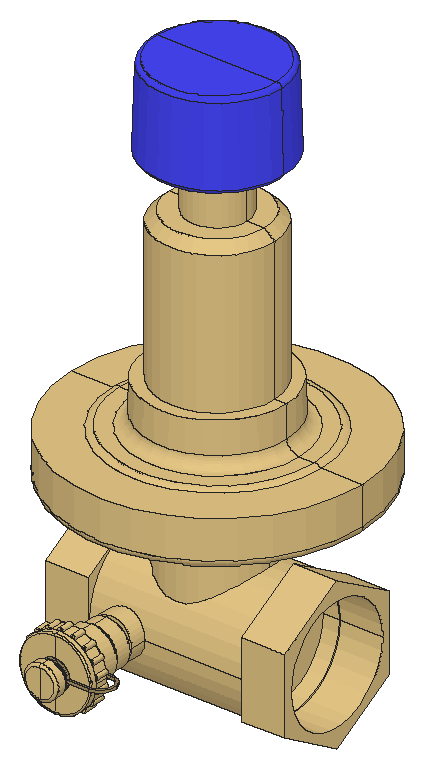
Revit family "РИДАН_APT-R3_Автоматический балансировочный клапан(Ду32-40)", category Арматура трубопроводов, Revit 2019
Family settings
  Размер круглого соединителя = Использовать диаметр
  Тип детали = Вставляется
  На основе рабочей плоскости = Нет
  Всегда вертикально = Да
  При загрузке вырезать с полостями = Нет
  Общий = Нет
Parameters (values of type "DN 40")
  Требуемый перепад давления [instance] = 25.0 kPa
  Таблица настройки [instance] = "N 0 — 25 кПа\r\nN 1 — 24 кПа\r\nN 2 — 23 кПа\r\nN 3 — 22 кПа\r\nN 4 — 21 кПа\r\nN 5 — 20 кПа\r\nN 6 — 19 кПа\r\nN 7 — 18 кПа\r\nN 8 — 17 кПа\r\nN 9 — 16 кПа\r\nN 10 — 15 кПа\r\nN 11 — 14 кПа\r\nN 12 — 13 кПа\r\nN 13 — 12 кПа\r\nN 14 — 11 кПа\r\nN 15 — 10 кПа\r\nN 16 — 9 кПа\r\nN 17 — 8 кПа\r\nN 18 — 7 кПа\r\nN 19 — 6 кПа\r\nN 20 — 5 кПа\r\n"  # constant formula
  Рекомендуемый DN [instance] = if(Kvmin = 0.0 L/s, 0 mm, if(size_lookup(LT, "Kvs", 0.0 L/s, 32 mm) * 0.8 > Kvmin, 32 mm, if(size_lookup(LT, "Kvs", 0.0 L/s, 40 mm) * 0.8 > Kvmin, 40 mm, -1 mm)))  # 0 mm
  Отступ соединителей ВР [instance] = 10 mm
  Настройка по давлению [instance] = size_lookup(LT_Kv, "P", 0.0 kPa, ADSK_Настройка клапана)  # 25.0 kPa
  Контакты_Производитель = "info@ridan.ru"  # constant formula
  Диапазон настройки [instance] = "От 0 до 20 с шагом 1, настройка — количество оборотов шпинделя"  # constant formula
  n1 [instance] = l - n  # 15 mm
  n [instance] = if(Отступ соединителей ВР > l, l, Отступ соединителей ВР)  # 10 mm
  m = size_lookup(LT, "m", 20 mm, ADSK_Диаметр условный)  # 70 mm
  l = size_lookup(LT, "l", 20 mm, ADSK_Диаметр условный)  # 25 mm
  k = size_lookup(LT, "k", 20 mm, ADSK_Диаметр условный)  # 48 mm
  j = size_lookup(LT, "j", 20 mm, ADSK_Диаметр условный)  # 54.5 mm
  i = size_lookup(LT, "i", 20 mm, ADSK_Диаметр условный)  # 18 mm
  h = size_lookup(LT, "h", 20 mm, ADSK_Диаметр условный)  # 33.5 mm
  g = size_lookup(LT, "g", 20 mm, ADSK_Диаметр условный)  # 44 mm
  f = size_lookup(LT, "f", 20 mm, ADSK_Диаметр условный)  # 54 mm
  e = size_lookup(LT, "e", 20 mm, ADSK_Диаметр условный)  # 50 mm
  d = size_lookup(LT, "d", 20 mm, ADSK_Диаметр условный)  # 64.34 mm
  c = size_lookup(LT, "c", 20 mm, ADSK_Диаметр условный)  # 32.17 mm
  b = size_lookup(LT, "b", 20 mm, ADSK_Диаметр условный)  # 18 mm
  a = size_lookup(LT, "a", 20 mm, ADSK_Диаметр условный)  # 17.83 mm
  URL = "https://ridan.ru/"
  LT_Kv = "APT-R3_Kv"  # constant formula
  LT = "APT-R3_32_40"  # constant formula
  Kvmin [instance] = 0 m³/h
  ADSK_Расход жидкости [instance] = 0 m³/h
  ADSK_Пропускная способность [instance] = size_lookup(LT, "Kvs", 0.001 m³/h, ADSK_Диаметр условный)  # 10 m³/h
  ADSK_Потеря давления жидкости [instance] = 100.0 kPa * (ADSK_Расход жидкости / ADSK_Пропускная способность) ^ 2  # 0.0 kPa
  ADSK_Настройка клапана [instance] = 0
  ADSK_Наименование = size_lookup(LT, "Name", "", ADSK_Диаметр условный)  # "Клапан балансировочный автоматический резьбовой, диапазон настройки 5-25 кПа, PN16, Tmax=120C, DN40"
  ADSK_Масса_Текст = ""
  ADSK_Масса = size_lookup(LT, "M", 0, ADSK_Диаметр условный)  # 3.8
  ADSK_Марка = size_lookup(LT, "Mark", "", ADSK_Диаметр условный)  # "APT-R3 DN40"
  ADSK_Количество = 1  # constant formula
  ADSK_Код изделия = size_lookup(LT, "", "", ADSK_Диаметр условный)  # "003Z5705R3"
  ADSK_Завод-изготовитель = "ООО «Ридан-Трейд»"  # constant formula
  ADSK_Единица измерения = "шт."
  ADSK_Диаметр условный = 40 mm
  ADSK_Версия семейства = "1.0"  # constant formula
  ADSK_Версия Revit = "2019"  # constant formula
Types (3, lengths in mm): name | n1 | m | l | k | j | h | f | e | d | c | b | ADSK_Пропускная способность | ADSK_Наименование | ADSK_Масса | ADSK_Марка | ADSK_Код изделия | ADSK_Диаметр условный
  (no name) | 15 | 70 | 25 | 48 | 54.5 | 33.5 | 54 | 50 | 64.34 | 32.17 | 18 | 10 m³/h | "Клапан балансировочный автоматический резьбовой, диапазон настройки 5-25 кПа, PN16, Tmax=120C, DN40" | 3.8 | "APT-R3 DN40" | "003Z5705R3" | 40
  DN 32 | 10.5 | 74 | 20.5 | 42 | 49.5 | 29 | 48 | 45.5 | 59.34 | 29.67 | 18.5 | 6.3 m³/h | "Клапан балансировочный автоматический резьбовой, диапазон настройки 5-25 кПа, PN16, Tmax=120C, DN32" | 3.6 | "APT-R3 DN32" | "003Z5704R3" | 32
  DN 40 | 15 | 70 | 25 | 48 | 54.5 | 33.5 | 54 | 50 | 64.34 | 32.17 | 18 | 10 m³/h | "Клапан балансировочный автоматический резьбовой, диапазон настройки 5-25 кПа, PN16, Tmax=120C, DN40" | 3.8 | "APT-R3 DN40" | "003Z5705R3" | 40
Reference planes
  plane 1 "По центру (Вперед/Назад)": y = 0
  plane 2: z = 0
  plane 3 "По центру (Влево/Вправо)": x = 0
  plane 4: x = -50
  plane 5: x = -32.17
  plane 6: x = -18
  plane 7: x = 50
  plane 8: x = 32.17
  plane 9: z = 50
  plane 10: x = -35
  plane 11: x = 35
  plane 12: x = -25
  plane 13: x = 25
  plane 14: y = -33.5
Forms (mm)
  Extrusion 1, solid, material "Латунь", detail levels fine
    sketch origin (0, 0, 0) x (0, 1, 0) y (0, 0, 1)
      loop
        circle (0, 0) r 27
    from -32.17 to 32.17
  Extrusion 2, solid, material "Латунь", detail levels fine
    sketch origin (0, 0, 0) x (0, 1, 0) y (0, 0, 1)
      loop
        line (0, 31.466) -> (-27.25, 15.733) -> (-27.25, -15.733) -> (0, -31.466) -> (27.25, -15.733) -> (27.25, 15.733) -> (0, 31.466)
    from -50 to -32.17
  Extrusion 3, void
    sketch origin (0, 0, 0) x (0, 1, 0) y (0, 0, 1)
      loop
        circle (0, 0) r 24
    from -50 to -25
  Extrusion 4, void
    sketch origin (75, 0, 0) x (0, 1, 0) y (0, 0, 1)
      loop
        circle (0, 0) r 24
    from -50 to -25
  Extrusion 5, solid, material "Латунь", detail levels fine
    sketch origin (0, 0, 0) x (1, 0, 0) y (0, 1, 0)
      loop
        circle (0, 0) r 22
    from 0 to 50
  Extrusion 6, solid, material "Латунь", detail levels fine
    sketch origin (0, 0, 0) x (1, 0, 0) y (0, 0, 1)
      loop
        circle (-18, 0) r 9
    from 0 to 33.5
  Extrusion 7, solid, material "Латунь", detail levels fine
    sketch origin (0, 0, 0) x (0, 1, 0) y (0, 0, 1)
      loop
        line (0, 31.466) -> (-27.25, 15.733) -> (-27.25, -15.733) -> (0, -31.466) -> (27.25, -15.733) -> (27.25, 15.733) -> (0, 31.466)
    from 32.17 to 50
Cuts and joins
  Extrusion 3, Extrusion 4 cuts Extrusion 1
  Extrusion 3 cuts Extrusion 6
  joined: Extrusion 1, Extrusion 5, Extrusion 6
  Extrusion 3 cuts Extrusion 2
  Extrusion 4 cuts Extrusion 7
Dimensions and locks
  "b": plane 3 "По центру (Влево/Вправо)" to plane 6
  "c": plane 3 "По центру (Влево/Вправо)" to plane 5
  "d": plane 8 to plane 5
  "a": plane 5 to plane 4
  "a": plane 8 to plane 7
  "e": plane 9 to plane 2
  equal spacing: Extrusion 2 sketch curve, plane 2, Extrusion 2 sketch curve  (x2)
  equal spacing: Extrusion 2 sketch curve, plane 1 "По центру (Вперед/Назад)", Extrusion 2 sketch curve
  "j": Extrusion 2 sketch curve to Extrusion 2 sketch curve  (x3)
  "n1": plane 10 to plane 4
  "n1": plane 11 to plane 7
  "l": plane 12 to plane 4
  "l": plane 13 to plane 7
  "h": plane 14 to plane 1 "По центру (Вперед/Назад)"
  equal spacing: Extrusion 7 sketch curve, plane 2, Extrusion 7 sketch curve  (x2)
  equal spacing: Extrusion 7 sketch curve, plane 1 "По центру (Вперед/Назад)", Extrusion 7 sketch curve
  "j": Extrusion 7 sketch curve to Extrusion 7 sketch curve  (x3)
  "f": diameter of Extrusion 1 sketch curve
  "k": diameter of Extrusion 3 sketch curve
  "k": diameter of Extrusion 4 sketch curve
  "g": diameter of Extrusion 5 sketch curve
  "i": diameter of Extrusion 6 sketch curve
  angle Extrusion 2 sketch curve to Extrusion 2 sketch curve = 120.00°  (x6)
  angle Extrusion 7 sketch curve to Extrusion 7 sketch curve = 120.00°  (x6)
  aligned and locked: level to plane 2
  aligned and locked: Extrusion 1 to plane 5
  aligned and locked: Extrusion 1 to plane 8
  aligned and locked: Extrusion 2 to plane 4
  aligned and locked: plane 5 to Extrusion 2
  aligned and locked: Extrusion 3 to plane 4
  aligned and locked: plane 12 to cut or joined group of Extrusion 1, Extrusion 3, Extrusion 4, Extrusion 5, Extrusion 6
  aligned and locked: plane 13 to Extrusion 4
  aligned and locked: Extrusion 4 to plane 7
  aligned and locked: plane 9 to Extrusion 5
  aligned and locked: Extrusion 6 to plane 14
  aligned and locked: plane 8 to Extrusion 7
  aligned and locked: Extrusion 7 to plane 7
  aligned and locked: plane 3 "По центру (Влево/Вправо)" to nested 1
  aligned and locked: plane 9 to nested 1
  aligned and locked: plane 6 to nested 2
  aligned and locked: nested 2 to plane 14
  aligned and locked: nested 3 to plane 10
  aligned and locked: nested 4 to plane 10
Automatic sketch dimensions
  Extrusion 1 sketch curve to level = 0 mm
  Extrusion 1 sketch curve to plane 1 "По центру (Вперед/Назад)" = 0 mm
  Extrusion 3 sketch curve to level = 0 mm
  Extrusion 3 sketch curve to plane 1 "По центру (Вперед/Назад)" = 0 mm
  Extrusion 4 sketch curve to level = 0 mm
  Extrusion 4 sketch curve to plane 1 "По центру (Вперед/Назад)" = 0 mm
  plane 1 "По центру (Вперед/Назад)" to Extrusion 5 sketch curve = 0 mm
  Extrusion 5 sketch curve to plane 3 "По центру (Влево/Вправо)" = 0 mm
  Extrusion 6 sketch curve to level = 0 mm
  Extrusion 6 sketch curve to plane 6 = 0 mm
Nested families
  nested 1: "Мембрана APT-R3(32_40)" at (0, 0, 50), type "Мембрана APT-R3(32_40)", detail levels fine
  nested 2: "APT_R3_Сливной кран" at (-18, -33.5, 0), type "APT_R3_Сливной кран", detail levels fine
  nested 3: "УГО_АТ_Клапан регулирующий проходной" at (0, 0, 0), УГО_Длина <- "m", type "УГО_АТ_Клапан регулирующий проходной", detail levels coarse+medium
    with УГО_Стрелка 35 mm, УГО_Длина 70 mm, h1 40.415 mm, h 20.207 mm, a1 17.5 mm, a 35 mm
  nested 4: "УГО_ЭУ_Клапан регулирующий проходной" at (0, 0, 0), УГО_Длина <- "m", type "УГО_ЭУ_Клапан регулирующий проходной", detail levels coarse+medium
    with УГО_Длина 70 mm, h 40.415 mm, A1 17.5 mm, A 35 mm
Connectors
  piping at (-35, 0, 0), diameter 40, driven by "ADSK_Диаметр условный", driven by "ADSK_Расход жидкости", driven by "ADSK_Потеря давления жидкости"
    settings: on plane 10, index 1, connector inside diameter 609.6 mm, connector length 0 mm, flow factor 0, pipe flow 0 m³/h, pressure drop 0.0 kPa, fitting loss kfactor 0, connector angle 0.00°, fixture units 0, engagement length 0 mm, angle of deflection 0.00°, flow configuration 0, flow direction 1, fitting loss method 4, system type 7, joint type 0, gender type 0, connector reference index 2, connector utility 0, adjustable connector no, is connector primary yes, connector description ""
  piping at (35, 0, 0), diameter 40, driven by "ADSK_Диаметр условный"
    settings: on plane 11, index 2, connector inside diameter 609.6 mm, connector length 0 mm, flow factor 0, pipe flow 0 m³/h, pressure drop 0.0 kPa, fitting loss kfactor 0, connector angle 0.00°, fixture units 0, engagement length 0 mm, angle of deflection 0.00°, flow configuration 0, flow direction 0, fitting loss method 0, system type 7, joint type 0, gender type 0, connector reference index 1, connector utility 0, adjustable connector no, is connector primary no, connector description ""
Definition of nested family "Мембрана APT-R3(32_40)"
  Reference planes
    plane 1 "По центру (Вперед/Назад)": y = 0
    plane 2: z = 0
    plane 3 "По центру (Влево/Вправо)": x = 0
  Forms (mm)
    Revolve 1, solid
      sketch origin (0, 0, 0) x (1, 0, 0) y (0, 0, 1)
        loop
          arc (45.5, 1.5) -> (45.793, 2.207) -> (46.5, 2.5) r 1
          line (46.5, 2.5) -> (58, 2.5)
          arc (58, 2.5) -> (60.121, 3.379) -> (61, 5.5) r 3
          line (61, 5.5) -> (61, 21.5) -> (43.704, 21.5)
          arc (43.704, 21.5) -> (42.286, 22.243) -> (40.704, 22.5) r 5
          line (40.704, 22.5) -> (34.228, 22.5)
          arc (34.228, 22.5) -> (30.723, 23.934) -> (29.228, 27.413) r 5
          line (29.228, 27.413) -> (29, 40.5) -> (24, 40.5) -> (24, 99.5) -> (20, 103.5) -> (12.5, 103.5) -> (12.5, 124.1) -> (0, 124.1) -> (0, 0) -> (44.69, 0)
          arc (44.69, 0) -> (45.205, 0.222) -> (45.5, 0.7) r 0.933
          line (45.5, 0.7) -> (45.5, 1.5)
        axis (0, 124.1) -> (0, 0)
      angle from 0 to 360
    Revolve 2, solid
      sketch origin (0, 0, 0) x (1, 0, 0) y (0, 0, 1)
        loop
          line (0, 124.1) -> (26, 124.1) -> (27.949, 126.049) -> (26.918, 158.253)
          arc (26.918, 158.253) -> (26.371, 159.531) -> (25.102, 160.1) r 1.911
          line (25.102, 160.1) -> (0, 160.1) -> (0, 124.1)
        axis (0, 160.1) -> (0, 124.1)
      angle from 0 to 360
  Dimensions and locks
    aligned and locked: level to plane 2
Definition of nested family "APT_R3_Сливной кран"
  Reference planes
    plane 1 "По центру (Вперед/Назад)": y = 0
    plane 2: z = 0
    plane 3 "По центру (Влево/Вправо)": x = 0
  Forms (mm)
    Revolve 1, solid
      sketch origin (0, 0.8, 0) x (0, 1, 0) y (0, 0, 1)
        loop
          line (-1.8, 0) -> (-1.8, 8.5) -> (-2.8, 9.5) -> (-9.386, 9.5)
          arc (-9.386, 9.5) -> (-9.768, 9.576) -> (-10.093, 9.793) r 1
          line (-10.093, 9.793) -> (-10.8, 10.5) -> (-19.3, 10.5) -> (-19.3, 0) -> (-1.8, 0)
        loop
          line (-20.3, 11.366) -> (-21.063, 12.688) -> (-27.3, 12.688) -> (-27.3, 15) -> (-29.3, 15)
          arc (-29.3, 15) -> (-29.654, 14.854) -> (-29.8, 14.5) r 0.5
          line (-29.8, 14.5) -> (-29.8, 6)
          arc (-29.8, 6) -> (-29.946, 5.646) -> (-30.3, 5.5) r 0.5
          line (-30.3, 5.5) -> (-31.8, 5.5) -> (-33.3, 7) -> (-36.8, 7)
          arc (-36.8, 7) -> (-37.507, 6.707) -> (-37.8, 6) r 1
          line (-37.8, 6) -> (-37.8, 0) -> (-20.3, 0) -> (-20.3, 11.366)
        axis (-1.8, 0) -> (-37.8, 0)
      angle from 0 to 360
    Revolve 2, solid
      sketch origin (0, 0.8, 0) x (0, 1, 0) y (0, 0, 1)
        loop
          line (-0.8, 6.5) -> (-2.3, 6.5) -> (-2.3, 0) -> (-0.8, 0) -> (-0.8, 6.5)
        axis (-0.8, 0) -> (-2.3, 0)
      angle from 0 to 360
    Revolve 3, solid
      sketch origin (0, 0.8, 0) x (0, 1, 0) y (0, 0, 1)
        loop
          line (-19.3, 12.5) -> (-20.3, 12.5) -> (-20.3, 0) -> (-19.3, 0) -> (-19.3, 12.5)
        axis (-19.3, 0) -> (-20.3, 0)
      angle from 0 to 360
    Extrusion 4, solid
      sketch origin (0, 0, 0) x (1, 0, 0) y (0, 0, 1)
        loop
          circle (0, 0) r 5.5
        loop
          circle (0, 0) r 6.25
      from 30.5 to 29.5
    Extrusion 5, solid
      sketch origin (0, 0, 0) x (1, 0, 0) y (0, 0, 1)
        loop
          circle (0, 0) r 15
      from 21 to 26.5
    Extrusion 6, solid
      sketch origin (0, 0, 0) x (1, 0, 0) y (0, 0, 1)
        loop
          arc (0.999, 14.967) -> (0, 16) -> (-0.999, 14.967) r 1
          arc (-0.999, 14.967) -> (0, 15) -> (0.999, 14.967) r 15
        loop
          arc (0.999, -14.967) -> (0, -15) -> (-0.999, -14.967) r 15
          arc (-0.999, -14.967) -> (0, -16) -> (0.999, -14.967) r 1
        loop
          arc (6.058, 13.722) -> (5.472, 15.035) -> (4.18, 14.406) r 1
          arc (4.18, 14.406) -> (5.13, 14.095) -> (6.058, 13.722) r 15
        loop
          arc (-4.18, -14.406) -> (-5.13, -14.095) -> (-6.058, -13.722) r 15
          arc (-6.058, -13.722) -> (-5.472, -15.035) -> (-4.18, -14.406) r 1
        loop
          arc (-6.058, 13.722) -> (-5.13, 14.095) -> (-4.18, 14.406) r 15
          arc (-4.18, 14.406) -> (-5.472, 15.035) -> (-6.058, 13.722) r 1
        loop
          arc (4.18, -14.406) -> (5.472, -15.035) -> (6.058, -13.722) r 1
          arc (6.058, -13.722) -> (5.13, -14.095) -> (4.18, -14.406) r 15
        loop
          arc (-14.913, -1.615) -> (-15.757, -2.778) -> (-14.566, -3.583) r 1
          arc (-14.566, -3.583) -> (-14.772, -2.605) -> (-14.913, -1.615) r 15
        loop
          arc (14.566, 3.583) -> (14.772, 2.605) -> (14.913, 1.615) r 15
          arc (14.913, 1.615) -> (15.757, 2.778) -> (14.566, 3.583) r 1
        loop
          arc (-14.566, 3.583) -> (-15.757, 2.778) -> (-14.913, 1.615) r 1
          arc (-14.913, 1.615) -> (-14.772, 2.605) -> (-14.566, 3.583) r 15
        loop
          arc (14.913, -1.615) -> (14.772, -2.605) -> (14.566, -3.583) r 15
          arc (14.566, -3.583) -> (15.757, -2.778) -> (14.913, -1.615) r 1
        loop
          arc (-12.462, -8.349) -> (-12.99, -7.5) -> (-13.461, -6.618) r 15
          arc (-13.461, -6.618) -> (-13.856, -8) -> (-12.462, -8.349) r 1
        loop
          arc (13.461, 6.618) -> (13.856, 8) -> (12.462, 8.349) r 1
          arc (12.462, 8.349) -> (12.99, 7.5) -> (13.461, 6.618) r 15
        loop
          arc (-8.855, -12.108) -> (-9.642, -11.491) -> (-10.386, -10.823) r 15
          arc (-10.386, -10.823) -> (-10.285, -12.257) -> (-8.855, -12.108) r 1
        loop
          arc (10.386, 10.823) -> (10.285, 12.257) -> (8.855, 12.108) r 1
          arc (8.855, 12.108) -> (9.642, 11.491) -> (10.386, 10.823) r 15
        loop
          arc (8.855, -12.108) -> (10.285, -12.257) -> (10.386, -10.823) r 1
          arc (10.386, -10.823) -> (9.642, -11.491) -> (8.855, -12.108) r 15
        loop
          arc (-10.386, 10.823) -> (-9.642, 11.491) -> (-8.855, 12.108) r 15
          arc (-8.855, 12.108) -> (-10.285, 12.257) -> (-10.386, 10.823) r 1
        loop
          arc (12.462, -8.349) -> (13.856, -8) -> (13.461, -6.618) r 1
          arc (13.461, -6.618) -> (12.99, -7.5) -> (12.462, -8.349) r 15
        loop
          arc (-13.461, 6.618) -> (-12.99, 7.5) -> (-12.462, 8.349) r 15
          arc (-12.462, 8.349) -> (-13.856, 8) -> (-13.461, 6.618) r 1
      from 21 to 26.2
    Extrusion 7, solid
      sketch origin (0, 0.8, 0) x (1, 0, 0) y (0, 1, 0)
        loop
          line (5.7, -31.3) -> (15.25, -31.3)
          arc (15.25, -31.3) -> (21.25, -25.3) -> (15.25, -19.3) r 6
          line (15.25, -19.3) -> (11.69, -19.3) -> (11.69, -20.3) -> (15.25, -20.3)
          arc (15.25, -20.3) -> (20.25, -25.3) -> (15.25, -30.3) r 5
          line (15.25, -30.3) -> (5.7, -30.3) -> (5.7, -31.3)
      from -0.5 to 0.5
    Revolve 8, solid
      sketch origin (0, 0.8, 0) x (1, 0, 0) y (0, 1, 0)
        loop
          line (-14.8, -6.05) -> (-14.8, -10.8) -> (-4.8, -10.8) -> (-4.8, -5.05) -> (-13.8, -5.05)
          arc (-13.8, -5.05) -> (-14.507, -5.343) -> (-14.8, -6.05) r 1
        axis (-4.8, -10.8) -> (-14.8, -10.8)
      angle from 0 to 360
    Revolve 9, solid
      sketch origin (0, 0.8, 0) x (1, 0, 0) y (0, 1, 0)
        loop
          line (-15, -6.8) -> (-15, -10.8) -> (-13.5, -10.8) -> (-13.5, -6.8) -> (-15, -6.8)
        axis (-15, -10.8) -> (-13.5, -10.8)
      angle from 0 to 360
    Extrusion 10, solid
      sketch origin (0, 0.8, 0) x (1, 0, 0) y (0, 1, 0)
        loop
          line (-15, -8.3) -> (-19.5, -8.3) -> (-19.5, -10.05) -> (-18, -10.05) -> (-18, -11.55) -> (-19.5, -11.55) -> (-19.5, -13.3) -> (-15, -13.3) -> (-15, -8.3)
      from -2.5 to 2.5
  Cuts and joins
    joined: Revolve 1, Revolve 2, Extrusion 5, Revolve 8, Revolve 9
    joined: Revolve 3, Extrusion 4, Extrusion 7
  Dimensions and locks
    aligned and locked: level to plane 2
Definition of nested family "УГО_АТ_Клапан регулирующий проходной"
  Parameters (values of type "УГО_АТ_Клапан регулирующий проходной")
    УГО_Стрелка [instance] = УГО_Длина / 2  # 50 mm
    УГО_Длина [instance] = 100 mm
    h1 [instance] = a / cos(30.00°)  # 57.735 mm
    h [instance] = a1 / cos(30.00°)  # 28.868 mm
    a1 [instance] = УГО_Длина / 4  # 25 mm
    a [instance] = УГО_Длина / 2  # 50 mm
  Reference planes
    plane 1 "По центру (Вперед/Назад)": y = 0
    plane 2: z = 0
    plane 3 "По центру (Влево/Вправо)": x = 0
    plane 4: x = -50
    plane 5: x = 50
    plane 6: x = -50
    plane 7: x = 50
    plane 8: z = 28.868
    plane 9: z = -28.868
  Forms (mm)
    Extrusion 1, solid
      sketch origin (0, 0, 0) x (1, 0, 0) y (0, 0, 1)
        loop
          line (0, 0) -> (-50, 28.868) -> (-50, -28.868) -> (0, 0)
      from -0.5 to 0.5
    Extrusion 2, solid
      sketch origin (0, 0, 0) x (-1, 0, 0) y (0, 0, -1)
        loop
          line (0, 0) -> (-50, 28.868) -> (-50, -28.868) -> (0, 0)
      from -0.5 to 0.5
  Lines and regions (mm)
    model lines
      curve 1: line (0, 0, 0) -> (0, 0, 50)
      curve 2: line (0, 0, 0) -> (-6.47, 0, 24.148)
      curve 3: line (0, 0, 0) -> (6.47, 0, 24.148)
  Dimensions and locks
    "a": plane 3 "По центру (Влево/Вправо)" to plane 4
    "a": plane 5 to plane 3 "По центру (Влево/Вправо)"
    equal spacing: plane 7, plane 3 "По центру (Влево/Вправо)", plane 6
    "УГО_Длина": plane 7 to plane 6
    "УГО_Стрелка": curve 1 to plane 2
    "a1": curve 3 to curve 3
    "a1": curve 2 to curve 2
    equal spacing: plane 8, level, plane 9
    "h1": plane 8 to plane 9
    locked: plane 2 to Extrusion 2 sketch curve (angle 30.00°)
    locked: Extrusion 2 sketch curve to plane 2 (angle 30.00°)
    locked: Extrusion 1 sketch curve to plane 2 (angle 30.00°)
    locked: plane 2 to Extrusion 1 sketch curve (angle 30.00°)
    locked: plane 2 to curve 3 (angle 75.00°)
    locked: curve 2 to plane 2 (angle 75.00°)
    aligned and locked: level to plane 2
    aligned and locked: Extrusion 1 sketch curve to plane 4
    aligned and locked: plane 5 to Extrusion 2 sketch curve
  Automatic sketch dimensions
    curve 2 to level = 0 mm
    curve 2 to plane 3 "По центру (Влево/Вправо)" = 0 mm
    Extrusion 1 sketch curve to level = 0 mm
    Extrusion 1 sketch curve to plane 3 "По центру (Влево/Вправо)" = 0 mm
    Extrusion 2 sketch curve to level = 0 mm
    Extrusion 2 sketch curve to plane 3 "По центру (Влево/Вправо)" = 0 mm
Definition of nested family "УГО_ЭУ_Клапан регулирующий проходной"
  Parameters (values of type "УГО_ЭУ_Клапан регулирующий проходной")
    УГО_Длина [instance] = 100 mm
    h [instance] = A / cos(30.00°)  # 57.735 mm
    A1 [instance] = A / 2  # 25 mm
    A [instance] = УГО_Длина / 2  # 50 mm
  Reference planes
    plane 1 "По центру (Вперед/Назад)": y = 0
    plane 2: z = 0
    plane 3 "По центру (Влево/Вправо)": x = 0
    plane 4: x = -50
    plane 5: x = 50
    plane 6: y = 50
  Lines and regions (mm)
    Filled region 1, type "Сплошная заливка - Чёрный", in view "Опорный уровень"
      outline origin (0, 0, 0) x (1, 0, 0) y (0, 1, 0)
        loop
          line (0, 0) -> (6.47, 24.148) -> (-6.47, 24.148) -> (0, 0)
    Filled region 2, type "Сплошная заливка - Белый", in view "Опорный уровень"
      outline origin (0, 0, 0) x (1, 0, 0) y (0, 1, 0)
        loop
          line (0, 0) -> (-50, 28.868) -> (-50, -28.868) -> (0, 0)
    Filled region 3, type "Сплошная заливка - Белый", in view "Опорный уровень"
      outline origin (0, 0, 0) x (1, 0, 0) y (0, 1, 0)
        loop
          line (0, 0) -> (50, -28.868) -> (50, 28.868) -> (0, 0)
    detail lines, in view "Опорный уровень"
      curve 1: line (0, 0, 0) -> (50, 28.868, 0)
      curve 2: line (50, 28.868, 0) -> (50, -28.868, 0)
      curve 3: line (0, 0, 0) -> (50, -28.868, 0)
      curve 4: line (0, 0, 0) -> (-50, 28.868, 0)
      curve 5: line (0, 0, 0) -> (-50, -28.868, 0)
      curve 6: line (-50, 28.868, 0) -> (-50, -28.868, 0)
      curve 7: line (0, 50, 0) -> (0, 0, 0)
      curve 8: line (0, 0, 0) -> (-6.47, 24.148, 0)
      curve 9: line (0, 0, 0) -> (6.47, 24.148, 0)
      curve 10: line (-6.47, 24.148, 0) -> (6.47, 24.148, 0)
  Dimensions and locks
    equal spacing: plane 4, plane 3 "По центру (Влево/Вправо)", plane 5
    "УГО_Длина": plane 4 to plane 5
    "A": plane 1 "По центру (Вперед/Назад)" to plane 6
    "A1": curve 8 to curve 8
    "A1": curve 9 to curve 9
    locked: plane 1 "По центру (Вперед/Назад)" to curve 1 (angle 30.00°)
    locked: curve 3 to plane 1 "По центру (Вперед/Назад)" (angle 30.00°)
    locked: curve 4 to plane 1 "По центру (Вперед/Назад)" (angle 30.00°)
    locked: plane 1 "По центру (Вперед/Назад)" to curve 5 (angle 30.00°)
    locked: plane 1 "По центру (Вперед/Назад)" to curve 9 (angle 75.00°)
    locked: curve 8 to plane 1 "По центру (Вперед/Назад)" (angle 75.00°)
    aligned and locked: plane 5 to curve 2
    aligned and locked: curve 6 to plane 4
    aligned and locked: curve 7 to plane 3 "По центру (Влево/Вправо)"
    aligned and locked: plane 6 to curve 7
    aligned and locked: plane 1 "По центру (Вперед/Назад)" to curve 7
    aligned and locked: Filled region 1 sketch curve to curve 9
    aligned and locked: Filled region 1 sketch curve to curve 10
    aligned and locked: Filled region 1 sketch curve to curve 8
    aligned and locked: Filled region 2 sketch curve to curve 6
    aligned and locked: curve 4 to Filled region 2 sketch curve
    aligned and locked: Filled region 3 sketch curve to curve 1
    aligned and locked: Filled region 3 sketch curve to curve 2
    aligned and locked: Filled region 3 sketch curve to curve 3
    aligned and locked: Filled region 2 sketch curve to curve 5
